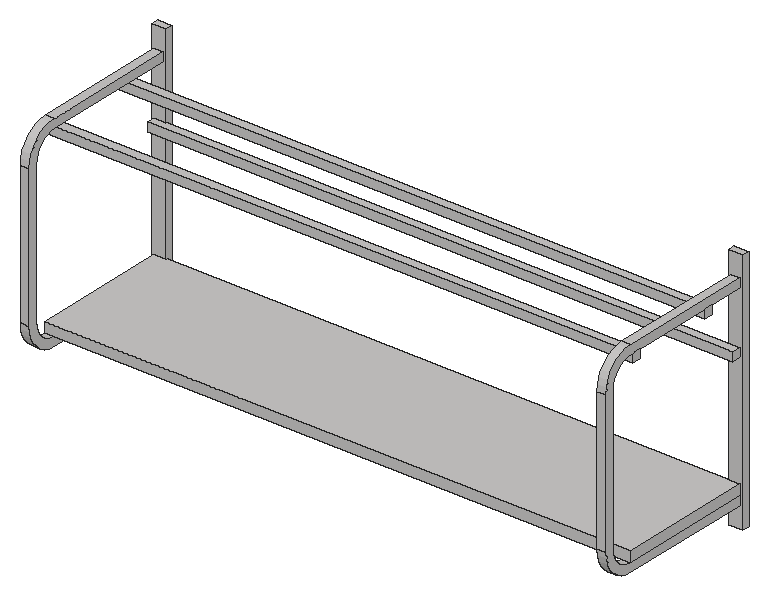
Revit family "QF_ZANUSSI_864281_MM3C16S", category Attrezzature speciali, Revit 2020
Family settings
  Quota connettore circolare = Usa diametro
  Tipo di parte = Normale
  Basato su piano di lavoro = No
  Sempre verticale = Sì
  Taglio con vuoti quando caricato = No
  Condiviso = No
  Punto di calcolo locali = No
Parameters (values of type "Standard")
  Weight = 0.00 kg
  Watts = 0 W
  Volts = 0 V
  URL Manufacturer = ""
  URL = ""
  Steam Supply Size = 0 mm
  Steam Supply Minimum Pressure = 0.0 Pa
  Steam Supply Maximum Pressure = 0.0 Pa
  Steam Consumption per Hour = 0
  Show Clearance [instance] = yes
  Refrigeration Suction Line Size = 0 mm
  Refrigeration Liquid Line Size = 0 mm
  Refrigerant Compressor Remote = yes
  Prospetto di default = 0 mm
  Manufacturer = ""
  Phase = 0
  Model = ""
  Length Actual = 1680 mm  # constant formula
  Item Number = ""
  Hot Water Size = 0 mm
  Height Actual = 700 mm  # constant formula
  HP = ""
  Gas Size = 0 mm
  Gas KW = 0
  Gas Input Pressure = 0 W
  Direct Waste Size = 0 mm
  Description = ""
  Depth Actual = 500 mm  # constant formula
  Cycle = 0 Hz
  Condensate Return Size = 0 mm
  Compressed Air Volume = 0.0 L/s
  Compressed Air Size = 0 mm
  Compressed Air Pressure = 0.0 Pa
  Cold Water Size = 0 mm
  Accessory = yes
Reference planes
  plane 1 "Back": y = 0
  plane 2: z = -16
  plane 3 "FRONT": y = -497
  plane 4 "LEFT": x = -126
  plane 5 "RIGHT": x = 1554
  plane 6: x = 714
  plane 7: y = -248.5
  plane 8 "Sopra": z = 684
  plane 9: z = 384
  plane 10: x = -118.5
  plane 11: x = 1546.5
  plane 12: x = -93.5
  plane 13: x = -86
  plane 14: x = 1521.5
  plane 15: x = 1514
  plane 16: y = -20
  plane 17: y = -45
  plane 18: y = -120
  plane 19: y = -145
  plane 20: y = -375
  plane 21: y = -400
  plane 22: z = 44
  plane 23: z = 69
  plane 24: z = 99
  plane 25: z = 421.5
  plane 26: z = 574
  plane 27: z = 599
  plane 28: z = 624
  plane 29: z = 446.5
  plane 30: y = -400
Forms (mm)
  Extrusion 1, solid, material "QF_Finishes_Stainless Steel"
    sketch origin (0, 250, 0) x (-1, 0, 0) y (0, 0, 1)
      loop
        line (86, -16) -> (126, -16) -> (126, 684) -> (86, 684) -> (86, -16)
    from -270 to -250
  Extrusion 2, solid, material "QF_Finishes_Stainless Steel"
    sketch origin (928, 250, 0) x (1, 0, 0) y (0, 0, -1)
      loop
        line (586, 16) -> (586, -684) -> (626, -684) -> (626, 16) -> (586, 16)
    from -270 to -250
  Extrusion 3, solid, material "QF_Finishes_Stainless Steel"
    sketch origin (0, 0, 0) x (0, 1, 0) y (0, 0, 1)
      loop
        line (-20, 624) -> (-407.392, 624)
        arc (-407.392, 624) -> (-470.754, 597.754) -> (-497, 534.392) r 89.608
        line (-497, 534.392) -> (-497, 133.608)
        arc (-497, 133.608) -> (-470.754, 70.246) -> (-407.392, 44) r 89.608
        line (-407.392, 44) -> (-20, 44) -> (-20, 69) -> (-407.392, 69)
        arc (-407.392, 69) -> (-453.077, 87.923) -> (-472, 133.608) r 64.608
        line (-472, 133.608) -> (-472, 534.392)
        arc (-472, 534.392) -> (-453.077, 580.077) -> (-407.392, 599) r 64.608
        line (-407.392, 599) -> (-20, 599) -> (-20, 624)
    from -118.5 to -93.5
  Extrusion 4, solid, material "QF_Finishes_Stainless Steel"
    sketch origin (928, 0, 0) x (0, 1, 0) y (0, 0, -1)
      loop
        line (-20, -624) -> (-20, -599) -> (-407.392, -599)
        arc (-407.392, -599) -> (-453.077, -580.077) -> (-472, -534.392) r 64.608
        line (-472, -534.392) -> (-472, -133.608)
        arc (-472, -133.608) -> (-453.077, -87.923) -> (-407.392, -69) r 64.608
        line (-407.392, -69) -> (-20, -69) -> (-20, -44) -> (-407.392, -44)
        arc (-407.392, -44) -> (-470.754, -70.246) -> (-497, -133.608) r 89.608
        line (-497, -133.608) -> (-497, -534.392)
        arc (-497, -534.392) -> (-470.754, -597.754) -> (-407.392, -624) r 89.608
        line (-407.392, -624) -> (-20, -624)
    from -618.5 to -593.5
  Extrusion 5, solid, material "QF_Finishes_Stainless Steel"
    sketch origin (0, 0, 0) x (0, 1, 0) y (0, 0, 1)
      loop
        line (-120, 599) -> (-145, 599) -> (-145, 574) -> (-120, 574) -> (-120, 599)
    from -118.5 to 1546.5
  Extrusion 6, solid, material "QF_Finishes_Stainless Steel"
    sketch origin (0, 0, 0) x (0, 1, 0) y (0, 0, 1)
      loop
        line (-375, 599) -> (-400, 599) -> (-400, 574) -> (-375, 574) -> (-375, 599)
    from -118.5 to 1546.5
  Extrusion 7, solid, material "QF_Finishes_Stainless Steel"
    sketch origin (0, 0, 0) x (0, 1, 0) y (0, 0, 1)
      loop
        line (-20, 446.5) -> (-45, 446.5) -> (-45, 421.5) -> (-20, 421.5) -> (-20, 446.5)
    from -118.5 to 1546.5
  Extrusion 8, solid, material "QF_Finishes_Stainless Steel"
    sketch origin (0, 0, 0) x (0, 1, 0) y (0, 0, 1)
      loop
        line (-20, 99) -> (-409.608, 99) -> (-409.608, 69) -> (-20, 69) -> (-20, 99)
    from -118.5 to 1546.5
Dimensions and locks
  plane 4 "LEFT" to plane 5 "RIGHT" = 1680 mm
  plane 3 "FRONT" to plane 1 "Back" = 497 mm
  equal spacing: plane 4 "LEFT", plane 6, plane 5 "RIGHT"
  equal spacing: plane 3 "FRONT", plane 7, plane 1 "Back"
  plane 8 "Sopra" to plane 2 = 700 mm
  plane 10 to plane 11 = 1665 mm
  equal spacing: plane 10, plane 6, plane 11
  locked: plane 10 to plane 12 at 25
  locked: plane 14 to plane 11 at 25
  locked: plane 12 to plane 13 at 7.5
  locked: plane 15 to plane 14 at 7.5
  plane 8 "Sopra" to plane 28 to plane 27 to plane 26 to plane 29 to plane 25 to plane 24 to plane 23 to plane 22 to plane 2 = 60 mm, 25 mm, 25 mm, 127.5 mm, 25 mm, 322.5 mm, 30 mm, 25 mm, 60 mm
  plane 16 to plane 17 to plane 18 to plane 19 to plane 20 to plane 21 = 25 mm locked, 75 mm locked, 25 mm locked, 230 mm locked, 25 mm locked
  locked: plane 16 to plane 30 at 380
  plane 1 "Back" to plane 16 = 20 mm
  aligned and locked: level to plane 2
  aligned and locked: Extrusion 1 sketch curve to level
  aligned and locked: plane 13 to Extrusion 1 sketch curve
  aligned and locked: Extrusion 1 sketch curve to plane 4 "LEFT"
  aligned and locked: plane 8 "Sopra" to Extrusion 1
  aligned and locked: plane 16 to Extrusion 1
  aligned and locked: Extrusion 1 to plane 1 "Back"
  aligned and locked: plane 1 "Back" to Extrusion 1
  aligned and locked: Extrusion 1 to plane 16
  aligned and locked: plane 10 to Extrusion 3
  aligned and locked: plane 12 to Extrusion 3
  aligned and locked: Extrusion 4 to plane 11
  aligned and locked: Extrusion 4 to plane 14
  aligned and locked: Extrusion 2 to plane 5 "RIGHT"
  aligned and locked: Extrusion 2 to plane 15
  aligned and locked: plane 27 to Extrusion 6 sketch curve
  aligned and locked: plane 20 to Extrusion 6 sketch curve
  aligned and locked: Extrusion 6 sketch curve to plane 26
  aligned and locked: Extrusion 6 sketch curve to plane 21
  aligned and locked: plane 26 to Extrusion 5 sketch curve
  aligned and locked: plane 19 to Extrusion 5 sketch curve
  aligned and locked: plane 18 to Extrusion 5 sketch curve
  aligned and locked: Extrusion 5 sketch curve to plane 27
  aligned and locked: plane 29 to Extrusion 7 sketch curve
  aligned and locked: Extrusion 7 sketch curve to plane 16
  aligned and locked: Extrusion 7 sketch curve to plane 25
  aligned and locked: plane 17 to Extrusion 7 sketch curve
  aligned and locked: plane 24 to Extrusion 8 sketch curve
  aligned and locked: Extrusion 8 sketch curve to plane 16
  aligned and locked: Extrusion 8 sketch curve to plane 23
  aligned and locked: Extrusion 3 to plane 23
  aligned and locked: plane 10 to Extrusion 6
  aligned and locked: plane 10 to Extrusion 7
  aligned and locked: plane 10 to Extrusion 5
  aligned and locked: Extrusion 6 to plane 11
  aligned and locked: Extrusion 5 to plane 11
  aligned and locked: Extrusion 7 to plane 11
  aligned and locked: plane 16 to Extrusion 2
  aligned and locked: Extrusion 8 to plane 11
Automatic sketch dimensions
  Extrusion 1 sketch curve to plane 8 "Sopra" = 0 mm
  Extrusion 2 sketch curve to plane 8 "Sopra" = 0 mm
  Extrusion 2 sketch curve to plane 15 = 0 mm
  plane 5 "RIGHT" to Extrusion 2 sketch curve = 0 mm
  Extrusion 2 sketch curve to level = 0 mm
  Extrusion 3 sketch curve to Extrusion 3 sketch curve = 0 mm  (x8)
  Extrusion 3 sketch curve to plane 3 "FRONT" = 0 mm
  Extrusion 3 sketch curve to plane 23 = 0 mm
  Extrusion 3 sketch curve to plane 22 = 0 mm
  Extrusion 3 sketch curve to plane 27 = 0 mm
  Extrusion 3 sketch curve to plane 16 = 0 mm  (x2)
  Extrusion 4 sketch curve to Extrusion 4 sketch curve = 0 mm  (x8)
  Extrusion 4 sketch curve to plane 3 "FRONT" = 0 mm
  plane 23 to Extrusion 4 sketch curve = 0 mm
  plane 22 to Extrusion 4 sketch curve = 0 mm
  Extrusion 4 sketch curve to plane 27 = 0 mm
  Extrusion 4 sketch curve to plane 16 = 0 mm  (x2)
  Extrusion 3 sketch curve to plane 21 = 7.392 mm  (x2)
  Extrusion 4 sketch curve to plane 21 = 7.392 mm  (x2)
  Extrusion 8 sketch curve to plane 21 = 9.608 mm
